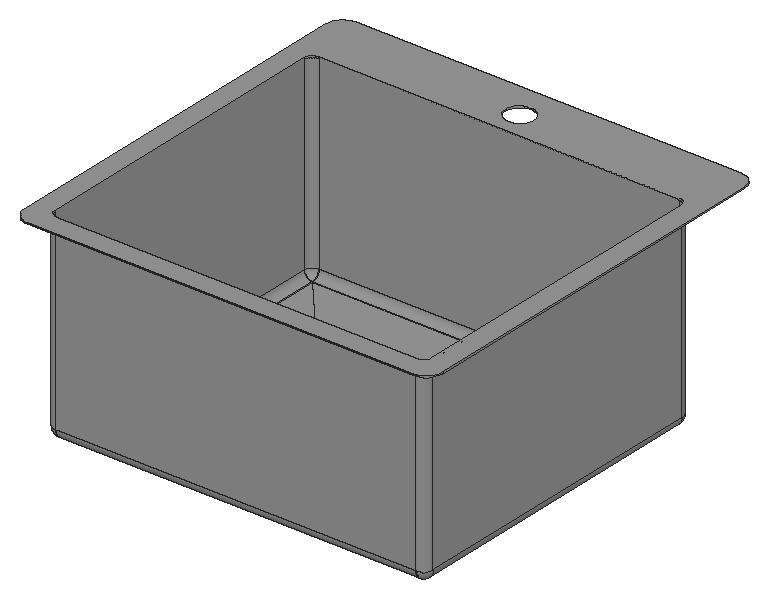
Revit family "BUILDMAT-SNGDTL003-Leo-510-Tap-Landing-Brass-Gold", category Plumbing Fixtures, host Face, Revit 2026
Family settings
  Host = Face
  Round Connector Dimension = Use Diameter
  Part Type = Normal
  Enable Cutting in Views = No
  Cut with Voids When Loaded = No
  Maintain Annotation Orientation = No
  Shared = No
  Room Calculation Point = No
Parameters (values of type "Leo 510x500x250mm Brushed Brass Gold")
  Width = 460.0 mm
  Undermount [instance] = 0.0 mm
  URL = "https://www.buildmat.com.au/products/leo-510-single-bowl-tap-landing-sink"
  Model = "TLAN003"  # constant formula
  Manufacturer URL = "https://www.buildmat.com.au/"
  Manufacturer = "BUILDMAT"  # constant formula
  Length = 400.0 mm
  Description = "BUILDMAT - Leo 510x500 Single Bowl with Tap Landing Sink"  # constant formula
  Depth = 250.0 mm
  Default Elevation = 1219.2 mm
  Created By URL = "https://www.buildmat.com.au/"
  Created By = "BUILDMAT"  # constant formula
  Created = "22.06.2022"  # constant formula
  Material = BUILDMAT Brass Gold
Reference planes
  plane 1 "Center (Front/Back)": y = 0
  plane 2: z = 0
  plane 3 "Center (Left/Right)": x = 0
  plane 4 "Top Substrate": z = 0
  plane 5 "Left": x = -230
  plane 6 "Right": x = 230
  plane 7 "Back": y = 200
  plane 8 "Front": y = -200
  plane 9: x = -255
  plane 10: x = 255
  plane 11: y = -225
  plane 12: y = 275
  plane 13 "Bottom Void": z = -250
  plane 14: z = 1.5
  plane 15: x = -231.5
  plane 16: y = -201.5
  plane 17: x = 231.5
  plane 18: y = 201.5
  plane 19: z = -240
  plane 20: z = -230
  plane 21: x = -220
  plane 22: x = 220
  plane 23: y = -190
  plane 24: y = 190
  plane 25: z = -245
  plane 26: z = -241.5
  plane 27: z = -246.5
  plane 28: x = -100
  plane 29: x = 100
  plane 30 "Sound Pad": z = -130
  plane 31 "Front Bracket": y = -100
  plane 32 "Back Bracket": y = 100
  plane 33: x = -130
  plane 34: x = 130
  plane 35: x = -57
  plane 36: x = 57
  plane 37: x = -45
  plane 38: x = 45
  plane 39: y = 232
  plane 40: y = 251.5
  plane 41: x = -243.2
  plane 42: z = -15
  plane 43: x = 243.2
  plane 44: x = -241.7
  plane 45: x = 241.7
Forms (mm)
  Extrusion 1, void
    sketch origin (0, 0, 0) x (1, 0, 0) y (0, 1, 0)
      loop
        arc (-220, 200) -> (-227.071, 197.071) -> (-230, 190) r 10
        line (-230, 190) -> (-230, -190)
        arc (-230, -190) -> (-227.071, -197.071) -> (-220, -200) r 10
        line (-220, -200) -> (220, -200)
        arc (220, -200) -> (227.071, -197.071) -> (230, -190) r 10
        line (230, -190) -> (230, 190)
        arc (230, 190) -> (227.071, 197.071) -> (220, 200) r 10
        line (220, 200) -> (-220, 200)
    from 0 to 1.5
  Extrusion 2, void
    sketch origin (0, 0, 0) x (1, 0, 0) y (0, 1, 0)
      loop
        line (-231.5, 201.5) -> (-231.5, -201.5) -> (231.5, -201.5) -> (231.5, 201.5) -> (-231.5, 201.5)
    from 0 to -250
  Extrusion 3, void
    sketch origin (0, 0, 0) x (1, 0, 0) y (0, 1, 0)
      loop
        arc (-235, 275) -> (-249.142, 269.142) -> (-255, 255) r 20
        line (-255, 255) -> (-255, -205)
        arc (-255, -205) -> (-249.142, -219.142) -> (-235, -225) r 20
        line (-235, -225) -> (235, -225)
        arc (235, -225) -> (249.142, -219.142) -> (255, -205) r 20
        line (255, -205) -> (255, 255)
        arc (255, 255) -> (249.142, 269.142) -> (235, 275) r 20
        line (235, 275) -> (-235, 275)
    from 1.5 to 0
  Extrusion 4, solid, material "BUILDMAT Brass Gold" <- "Material"
    sketch origin (0, 0, 0) x (-1, 0, 0) y (0, -1, 0)
      loop
        arc (235, -275) -> (249.142, -269.142) -> (255, -255) r 20
        line (255, -255) -> (255, 205)
        arc (255, 205) -> (249.142, 219.142) -> (235, 225) r 20
        line (235, 225) -> (-235, 225)
        arc (-235, 225) -> (-249.142, 219.142) -> (-255, 205) r 20
        line (-255, 205) -> (-255, -255)
        arc (-255, -255) -> (-249.142, -269.142) -> (-235, -275) r 20
        line (-235, -275) -> (235, -275)
      loop
        arc (220, -200) -> (227.071, -197.071) -> (230, -190) r 10
        line (230, -190) -> (230, 190)
        arc (230, 190) -> (227.071, 197.071) -> (220, 200) r 10
        line (220, 200) -> (-220, 200)
        arc (-220, 200) -> (-227.071, 197.071) -> (-230, 190) r 10
        line (-230, 190) -> (-230, -190)
        arc (-230, -190) -> (-227.071, -197.071) -> (-220, -200) r 10
        line (-220, -200) -> (220, -200)
    from 0 to 1.5
  Extrusion 5, solid, material "BUILDMAT Brass Gold" <- "Material"
    sketch origin (0, 0, 0) x (-1, 0, 0) y (0, -1, 0)
      loop
        arc (220, -201.5) -> (228.132, -198.132) -> (231.5, -190) r 11.5
        line (231.5, -190) -> (231.5, 190)
        arc (231.5, 190) -> (228.132, 198.132) -> (220, 201.5) r 11.5
        line (220, 201.5) -> (-220, 201.5)
        arc (-220, 201.5) -> (-228.132, 198.132) -> (-231.5, 190) r 11.5
        line (-231.5, 190) -> (-231.5, -190)
        arc (-231.5, -190) -> (-228.132, -198.132) -> (-220, -201.5) r 11.5
        line (-220, -201.5) -> (220, -201.5)
      loop
        arc (-220, 200) -> (-227.071, 197.071) -> (-230, 190) r 10
        line (-230, 190) -> (-230, -190)
        arc (-230, -190) -> (-227.071, -197.071) -> (-220, -200) r 10
        line (-220, -200) -> (220, -200)
        arc (220, -200) -> (227.071, -197.071) -> (230, -190) r 10
        line (230, -190) -> (230, 190)
        arc (230, 190) -> (227.071, 197.071) -> (220, 200) r 10
        line (220, 200) -> (-220, 200)
    from 0 to -230
  Revolve 6, solid, material "BUILDMAT Brass Gold" <- "Material"
    sketch origin (-175.162, 190, 1219.2) x (-1, 0, 0) y (0, 0, 1)
      loop
        line (-405.162, -1449.2) -> (-406.662, -1449.2)
        arc (-406.662, -1449.2) -> (-403.293, -1457.332) -> (-395.162, -1460.7) r 11.5
        line (-395.162, -1460.7) -> (-395.162, -1459.2)
        arc (-395.162, -1459.2) -> (-402.233, -1456.271) -> (-405.162, -1449.2) r 10
      axis (-395.162, -1460.7) -> (-395.162, -1449.2)
    angle from 0 to -90
  Revolve 7, solid, material "BUILDMAT Brass Gold" <- "Material"
    sketch origin (-175.162, 190, 1219.2) x (-1, 0, 0) y (0, 0, 1)
      loop
        arc (54.838, -1449.2) -> (51.909, -1456.271) -> (44.838, -1459.2) r 10
        line (44.838, -1459.2) -> (44.838, -1460.7)
        arc (44.838, -1460.7) -> (52.97, -1457.332) -> (56.338, -1449.2) r 11.5
        line (56.338, -1449.2) -> (54.838, -1449.2)
      axis (44.838, -1449.2) -> (44.838, -1460.7)
    angle from 0 to -90
  Revolve 8, solid, material "BUILDMAT Brass Gold" <- "Material"
    sketch origin (-175.162, -190, 1219.2) x (-1, 0, 0) y (0, 0, 1)
      loop
        arc (54.838, -1449.2) -> (51.909, -1456.271) -> (44.838, -1459.2) r 10
        line (44.838, -1459.2) -> (44.838, -1460.7)
        arc (44.838, -1460.7) -> (52.97, -1457.332) -> (56.338, -1449.2) r 11.5
        line (56.338, -1449.2) -> (54.838, -1449.2)
      axis (44.838, -1449.2) -> (44.838, -1460.7)
    angle from 0 to 90
  Revolve 9, solid, material "BUILDMAT Brass Gold" <- "Material"
    sketch origin (-175.162, -190, 1219.2) x (-1, 0, 0) y (0, 0, 1)
      loop
        line (-405.162, -1449.2) -> (-406.662, -1449.2)
        arc (-406.662, -1449.2) -> (-403.293, -1457.332) -> (-395.162, -1460.7) r 11.5
        line (-395.162, -1460.7) -> (-395.162, -1459.2)
        arc (-395.162, -1459.2) -> (-402.233, -1456.271) -> (-405.162, -1449.2) r 10
      axis (-395.162, -1449.2) -> (-395.162, -1460.7)
    angle from 0 to 90
  Extrusion 10, solid, material "BUILDMAT Brass Gold" <- "Material"
    sketch origin (0, 0, 0) x (1, 0, 0) y (0, 0, 1)
      loop
        line (-230, -230) -> (-231.5, -230)
        arc (-231.5, -230) -> (-228.132, -238.132) -> (-220, -241.5) r 11.5
        line (-220, -241.5) -> (-220, -240)
        arc (-220, -240) -> (-227.071, -237.071) -> (-230, -230) r 10
    from -190 to 190
  Extrusion 11, solid, material "BUILDMAT Brass Gold" <- "Material"
    sketch origin (0, 0, 0) x (1, 0, 0) y (0, 0, 1)
      loop
        arc (230, -230) -> (227.071, -237.071) -> (220, -240) r 10
        line (220, -240) -> (220, -241.5)
        arc (220, -241.5) -> (228.132, -238.132) -> (231.5, -230) r 11.5
        line (231.5, -230) -> (230, -230)
    from -190 to 190
  Extrusion 12, solid, material "BUILDMAT Brass Gold" <- "Material"
    sketch origin (0, 0, 0) x (0, 1, 0) y (0, 0, 1)
      loop
        arc (200, -230) -> (197.071, -237.071) -> (190, -240) r 10
        line (190, -240) -> (190, -241.5)
        arc (190, -241.5) -> (198.132, -238.132) -> (201.5, -230) r 11.5
        line (201.5, -230) -> (200, -230)
    from -220 to 220
  Extrusion 13, solid, material "BUILDMAT Brass Gold" <- "Material"
    sketch origin (0, 0, 0) x (0, 1, 0) y (0, 0, 1)
      loop
        line (-200, -230) -> (-201.5, -230)
        arc (-201.5, -230) -> (-198.132, -238.132) -> (-190, -241.5) r 11.5
        line (-190, -241.5) -> (-190, -240)
        arc (-190, -240) -> (-197.071, -237.071) -> (-200, -230) r 10
    from -220 to 220
  Revolve 14, solid, material "BUILDMAT Brass Gold" <- "Material"
    sketch origin (0, 0, 0) x (1, 0, 0) y (0, 0, 1)
      loop
        line (-45, -250) -> (-45, -248.5)
        spline (-45, -248.5) -> (-46.484, -248.459) -> (-47.939, -248.339) -> (-49.337, -248.141) -> (-50.649, -247.871) -> (-51.848, -247.537) -> (-52.908, -247.151) -> (-53.805, -246.726) -> (-54.514, -246.283) -> (-55.023, -245.856) -> (-55.329, -245.483) -> (-55.468, -245.202) -> (-55.5, -245)
        line (-55.5, -245) -> (-57, -245)
        spline (-57, -245) -> (-56.897, -245.653) -> (-56.591, -246.294) -> (-56.087, -246.913) -> (-55.392, -247.5) -> (-54.52, -248.044) -> (-53.485, -248.536) -> (-52.305, -248.967) -> (-51, -249.33) -> (-49.592, -249.619) -> (-48.106, -249.83) -> (-46.566, -249.957) -> (-45, -250)
      axis (0, -245) -> (0, -250)
    angle from 0 to 360
  Blend 15, solid, material "BUILDMAT Brass Gold" <- "Material"
    base sketch origin (0, 0, 0) x (-1, 0, 0) y (0, -1, 0)
      loop
        circle (0, 0) r 57
    top sketch origin (0, 0, 0) x (-1, 0, 0) y (0, -1, 0)
      loop
        line (220, -190) -> (220, 190) -> (-220, 190) -> (-220, -190) -> (220, -190)
    from -246.5 to -241.5
  Blend 16, void
    base sketch origin (0, 0, 0) x (-1, 0, 0) y (0, -1, 0)
      loop
        circle (0, 0) r 57
    top sketch origin (0, 0, 0) x (-1, 0, 0) y (0, -1, 0)
      loop
        line (220, -190) -> (220, 190) -> (-220, 190) -> (-220, -190) -> (220, -190)
    from -245 to -240
  Extrusion 17, solid, material "BUILDMAT Brass Gold" <- "Material"
    sketch origin (0, 0, 0) x (-1, 0, 0) y (0, -1, 0)
      loop
        line (220, -190) -> (220, 190) -> (-220, 190) -> (-220, -190) -> (220, -190)
    from -241.5 to -240
  Extrusion 18, void
    sketch origin (0, 0, 0) x (-1, 0, 0) y (0, -1, 0)
      loop
        circle (0, 0) r 57
    from -250 to -230
  Extrusion 19, void
    sketch origin (0, 0, 0) x (-1, 0, 0) y (0, -1, 0)
      loop
        circle (0, -232) r 17.5
    from 0 to 100
Cuts and joins
  Extrusion 19 cuts Extrusion 4
  Extrusion 19 cuts Extrusion 5
  joined: Extrusion 4, Extrusion 5
  joined: Revolve 6, Revolve 9
  joined: Revolve 7, Revolve 8
  Blend 16, Extrusion 18 cuts Blend 15
  Blend 16, Extrusion 18 cuts Extrusion 17
  joined: Blend 15, Extrusion 17
Lines and regions (mm)
  Masking region 1
    outline origin (0, 0, 0) x (1, 0, 0) y (0, 0, 1)
      loop
        line (230, 0) -> (-230, 0) -> (-230, -230)
        arc (-230, -230) -> (-227.071, -237.071) -> (-220, -240) r 10
        line (-220, -240) -> (-57, -245) -> (57, -245) -> (220, -240)
        arc (220, -240) -> (227.071, -237.071) -> (230, -230) r 10
        line (230, -230) -> (230, 0)
  Masking region 2
    outline origin (0, 0, 0) x (1, 0, 0) y (0, 0, 1)
      loop
        line (-100, -245.181) -> (-100, -250) -> (-57, -250) -> (-57, -246.5) -> (-100, -245.181)
  Masking region 3
    outline origin (0, 0, 0) x (1, 0, 0) y (0, 0, 1)
      loop
        line (57, -246.5) -> (57, -250) -> (100, -250) -> (100, -245.181) -> (57, -246.5)
  Masking region 4
    outline origin (0, 0, 0) x (1, 0, 0) y (0, 0, 1)
      loop
        line (-243.2, 0) -> (-243.2, -15) -> (-241.7, -15) -> (-241.7, 0) -> (-243.2, 0)
  Masking region 5
    outline origin (0, 0, 0) x (1, 0, 0) y (0, 0, 1)
      loop
        line (241.7, 0) -> (241.7, -15) -> (243.2, -15) -> (243.2, 0) -> (241.7, 0)
Text (mm)
  text "Refer to www.buildmat.com.au for the most current product literature. \nAllow a +/- 5mm tolerance for dimensions shown in the product literature. \nPlease note product details are subject to change due to ongoing product development." at (0.056, -1035.857, 0), in view "Ref. Level"
Dimensions and locks
  "Undermount": plane 2 to plane 4 "Top Substrate"
  equal spacing: plane 5 "Left", plane 3 "Center (Left/Right)", plane 6 "Right"
  "Width": plane 5 "Left" to plane 6 "Right"
  "Length": plane 7 "Back" to plane 8 "Front"
  equal spacing: plane 7 "Back", plane 1 "Center (Front/Back)", plane 8 "Front"
  locked: plane 12 to plane 7 "Back" at 75
  locked: plane 8 "Front" to plane 11 at 25
  locked: plane 9 to plane 5 "Left" at 25
  locked: plane 6 "Right" to plane 10 at 25
  "Depth": plane 4 "Top Substrate" to plane 13 "Bottom Void"
  locked: plane 14 to plane 4 "Top Substrate" at 1.5
  locked: plane 18 to plane 7 "Back" at 1.5
  locked: plane 8 "Front" to plane 16 at 1.5
  plane 15 to plane 5 "Left" = 1.5 mm
  plane 6 "Right" to plane 17 = 1.5 mm
  plane 20 to plane 19 to plane 13 "Bottom Void" = 10.0 mm, 10.0 mm
  locked: plane 5 "Left" to plane 21 at 10
  locked: plane 22 to plane 6 "Right" at 10
  locked: plane 7 "Back" to plane 24 at 10
  locked: plane 23 to plane 8 "Front" at 10
  locked: plane 19 to plane 26 at 1.5
  locked: plane 25 to plane 13 "Bottom Void" at 5
  locked: plane 25 to plane 27 at 1.5
  plane 29 to plane 3 "Center (Left/Right)" to plane 28 = 100.0 mm locked, 100.0 mm locked
  locked: plane 30 "Sound Pad" to plane 13 "Bottom Void" at 120
  locked: plane 7 "Back" to plane 32 "Back Bracket" at 100
  locked: plane 31 "Front Bracket" to plane 8 "Front" at 100
  locked: plane 33 to plane 5 "Left" at 100
  locked: plane 6 "Right" to plane 34 at 100
  plane 37 to plane 3 "Center (Left/Right)" to plane 38 = 45.0 mm locked, 45.0 mm locked
  plane 35 to plane 3 "Center (Left/Right)" to plane 36 = 57.0 mm locked, 57.0 mm locked
  locked: plane 12 to plane 39 at 43
  locked: plane 40 to plane 18 at 50
  plane 44 to plane 41 to plane 9 = 1.5 mm locked, 11.8 mm locked
  plane 10 to plane 43 to plane 45 = 11.8 mm locked, 1.5 mm locked
  locked: plane 4 "Top Substrate" to plane 42 at 15
  aligned and locked: plane 2 to host face
  aligned and locked: level to host face
  aligned and locked: plane 8 "Front" to Extrusion 1 sketch curve
  aligned and locked: Extrusion 1 sketch curve to plane 7 "Back"
  aligned and locked: plane 5 "Left" to Extrusion 1 sketch curve
  aligned and locked: Extrusion 1 sketch curve to plane 6 "Right"
  aligned and locked: plane 2 to Extrusion 1
  aligned and locked: plane 14 to Extrusion 1
  aligned and locked: Extrusion 2 sketch curve to plane 16
  aligned and locked: Extrusion 2 sketch curve to plane 18
  aligned and locked: plane 15 to Extrusion 2 sketch curve
  aligned and locked: plane 17 to Extrusion 2 sketch curve
  aligned and locked: Extrusion 2 to plane 13 "Bottom Void"
  aligned and locked: plane 4 "Top Substrate" to Extrusion 2
  aligned and locked: plane 11 to Extrusion 3 sketch curve
  aligned and locked: plane 9 to Extrusion 3 sketch curve
  aligned and locked: Extrusion 3 sketch curve to plane 10
  aligned and locked: Extrusion 3 sketch curve to plane 12
  aligned and locked: Extrusion 3 to plane 4 "Top Substrate"
  aligned and locked: Extrusion 3 to plane 14
  aligned and locked: plane 11 to Extrusion 4 sketch curve
  aligned and locked: Extrusion 4 sketch curve to plane 12
  aligned and locked: plane 9 to Extrusion 4 sketch curve
  aligned and locked: Extrusion 4 sketch curve to plane 10
  aligned and locked: plane 5 "Left" to Extrusion 4 sketch curve
  aligned and locked: Extrusion 4 sketch curve to plane 6 "Right"
  aligned and locked: Extrusion 4 sketch curve to plane 7 "Back"
  aligned and locked: plane 8 "Front" to Extrusion 4 sketch curve
  aligned and locked: Extrusion 5 sketch curve to plane 7 "Back"
  aligned and locked: plane 5 "Left" to Extrusion 5 sketch curve
  aligned and locked: Extrusion 5 sketch curve to plane 6 "Right"
  aligned and locked: plane 8 "Front" to Extrusion 5 sketch curve
  aligned and locked: plane 15 to Extrusion 5 sketch curve
  aligned and locked: Extrusion 5 sketch curve to plane 16
  aligned and locked: plane 17 to Extrusion 5 sketch curve
  aligned and locked: Extrusion 5 sketch curve to plane 18
  aligned and locked: Extrusion 5 to plane 20
  aligned and locked: plane 4 "Top Substrate" to Extrusion 5
  aligned and locked: Extrusion 11 to plane 23
  aligned and locked: plane 24 to Extrusion 11
  aligned and locked: plane 24 to Extrusion 10
  aligned and locked: Extrusion 10 to plane 23
  aligned and locked: Extrusion 13 to plane 21
  aligned and locked: plane 22 to Extrusion 13
  aligned and locked: plane 22 to Extrusion 12
  aligned and locked: Extrusion 12 to plane 21
  aligned and locked: plane 21 to Blend 15 sketch curve
  aligned and locked: Blend 15 sketch curve to plane 22
  aligned and locked: Blend 15 sketch curve to plane 23
  aligned and locked: Blend 15 sketch curve to plane 24
  aligned and locked: plane 27 to Blend 15
  aligned and locked: Blend 15 to plane 26
  aligned and locked: Blend 16 sketch curve to plane 24
  aligned and locked: plane 21 to Blend 16 sketch curve
  aligned and locked: Blend 16 sketch curve to plane 22
  aligned and locked: Blend 16 sketch curve to plane 23
  aligned and locked: Blend 16 to plane 25
  aligned and locked: Blend 16 to plane 19
  aligned and locked: Extrusion 17 sketch curve to plane 24
  aligned and locked: Extrusion 17 sketch curve to plane 23
  aligned and locked: plane 21 to Extrusion 17 sketch curve
  aligned and locked: Extrusion 17 sketch curve to plane 22
  aligned and locked: Extrusion 17 to plane 26
  aligned and locked: Extrusion 17 to plane 19
  aligned and locked: Extrusion 18 to plane 13 "Bottom Void"
  aligned and locked: plane 20 to Extrusion 18
  aligned and locked: cut or joined group of Blend 15, Blend 16, Extrusion 17, Extrusion 18 to Masking region 2 sketch curve
  aligned and locked: Masking region 3 sketch curve to cut or joined group of Blend 15, Blend 16, Extrusion 17, Extrusion 18
  aligned and locked: plane 3 "Center (Left/Right)" to nested 1
  aligned and locked: nested 1 to plane 30 "Sound Pad"
  aligned and locked: plane 31 "Front Bracket" to nested 3
  aligned and locked: plane 15 to nested 3
  aligned and locked: plane 31 "Front Bracket" to nested 5
  aligned and locked: plane 17 to nested 5
  aligned and locked: plane 32 "Back Bracket" to nested 4
  aligned and locked: plane 17 to nested 4
  aligned and locked: plane 32 "Back Bracket" to nested 2
  aligned and locked: plane 15 to nested 2
  aligned and locked: nested 6 to plane 4 "Top Substrate"
  aligned and locked: nested 6 to plane 33
  aligned and locked: nested 7 to plane 4 "Top Substrate"
  aligned and locked: nested 7 to plane 34
  aligned and locked: nested 10 to plane 33
  aligned and locked: nested 11 to plane 34
  aligned and locked: plane 16 to nested 10
  aligned and locked: nested 11 to plane 16
  aligned and locked: plane 33 to nested 8
  aligned and locked: plane 34 to nested 9
  aligned and locked: nested 12 to plane 23
  aligned and locked: nested 12 to plane 24
  aligned and locked: plane 22 to nested 12
  aligned and locked: plane 21 to nested 12
  aligned and locked: plane 3 "Center (Left/Right)" to nested 13
  aligned and locked: plane 1 "Center (Front/Back)" to nested 13
  aligned and locked: plane 4 "Top Substrate" to Masking region 1
  aligned and locked: nested 9 to plane 40
  aligned and locked: nested 8 to plane 40
  aligned and locked: Extrusion 19 to plane 4 "Top Substrate"
  aligned and locked: Masking region 4 sketch curve to plane 4 "Top Substrate"
  aligned and locked: Masking region 4 sketch curve to plane 42
  aligned and locked: Masking region 4 sketch curve to plane 41
  aligned and locked: Masking region 4 sketch curve to plane 44
  aligned and locked: Masking region 5 sketch curve to plane 4 "Top Substrate"
  aligned and locked: Masking region 5 sketch curve to plane 42
  aligned and locked: Masking region 5 sketch curve to plane 43
  aligned and locked: Masking region 5 sketch curve to plane 45
Automatic sketch dimensions
  host sketch curve to host sketch curve = 2438.4 mm  (x2)
  plane 5 "Left" to Extrusion 1 sketch curve = 10.0 mm  (x2)
  Extrusion 1 sketch curve to plane 6 "Right" = 10.0 mm  (x2)
  Extrusion 4 sketch curve to plane 10 = 20.0 mm  (x2)
  Extrusion 4 sketch curve to Extrusion 4 sketch curve = 10.0 mm  (x2)
  plane 5 "Left" to Extrusion 4 sketch curve = 10.0 mm
  plane 9 to Extrusion 4 sketch curve = 20.0 mm
  plane 8 "Front" to Extrusion 4 sketch curve = 10.0 mm
  plane 11 to Extrusion 4 sketch curve = 20.0 mm
  Extrusion 3 sketch curve to plane 5 "Left" = 5.0 mm
  plane 6 "Right" to Extrusion 3 sketch curve = 5.0 mm  (x2)
  plane 7 "Back" to Extrusion 3 sketch curve = 55.0 mm
  plane 5 "Left" to Extrusion 5 sketch curve = 10.0 mm
  Extrusion 5 sketch curve to plane 6 "Right" = 10.0 mm
  plane 8 "Front" to Extrusion 5 sketch curve = 10.0 mm
  Extrusion 5 sketch curve to plane 7 "Back" = 10.0 mm
  Extrusion 5 sketch curve to Extrusion 5 sketch curve = 0.0 mm  (x4)
  Revolve 6 sketch curve to Revolve 6 sketch curve = 0.0 mm  (x3)
  plane 17 to Revolve 6 sketch curve = 0.0 mm
  Revolve 6 sketch curve to plane 6 "Right" = 0.0 mm
  Revolve 6 sketch curve to plane 22 = 0.0 mm  (x2)
  Revolve 6 sketch curve to plane 19 = 0.0 mm
  Revolve 6 sketch curve to plane 20 = 0.0 mm
  Revolve 7 sketch curve to Revolve 7 sketch curve = 0.0 mm  (x3)
  Revolve 7 sketch curve to plane 20 = 0.0 mm  (x2)
  Revolve 7 sketch curve to plane 21 = 0.0 mm  (x2)
  Revolve 7 sketch curve to plane 5 "Left" = 0.0 mm
  Revolve 7 sketch curve to plane 15 = 0.0 mm
  Revolve 8 sketch curve to Revolve 8 sketch curve = 0.0 mm  (x3)
  Revolve 8 sketch curve to plane 20 = 0.0 mm  (x2)
  Revolve 8 sketch curve to plane 21 = 0.0 mm  (x2)
  Revolve 8 sketch curve to plane 5 "Left" = 0.0 mm
  Revolve 8 sketch curve to plane 15 = 0.0 mm
  Revolve 9 sketch curve to Revolve 9 sketch curve = 0.0 mm  (x3)
  plane 17 to Revolve 9 sketch curve = 0.0 mm
  Revolve 9 sketch curve to plane 6 "Right" = 0.0 mm
  Revolve 9 sketch curve to plane 22 = 0.0 mm  (x2)
  Revolve 9 sketch curve to plane 20 = 0.0 mm
  Revolve 9 sketch curve to plane 19 = 0.0 mm
  Extrusion 10 sketch curve to plane 15 = 0.0 mm
  Extrusion 10 sketch curve to plane 5 "Left" = 0.0 mm
  Extrusion 10 sketch curve to plane 19 = 0.0 mm
  Extrusion 10 sketch curve to plane 21 = 0.0 mm
  Extrusion 11 sketch curve to plane 20 = 0.0 mm
  Extrusion 11 sketch curve to plane 22 = 0.0 mm
  Extrusion 11 sketch curve to plane 6 "Right" = 0.0 mm
  plane 17 to Extrusion 11 sketch curve = 0.0 mm
  Extrusion 12 sketch curve to plane 20 = 0.0 mm
  Extrusion 12 sketch curve to plane 24 = 0.0 mm
  Extrusion 12 sketch curve to plane 7 "Back" = 0.0 mm
  Extrusion 12 sketch curve to plane 18 = 0.0 mm
  Extrusion 13 sketch curve to plane 16 = 0.0 mm
  Extrusion 13 sketch curve to plane 8 "Front" = 0.0 mm
  Extrusion 13 sketch curve to plane 23 = 0.0 mm
  Extrusion 13 sketch curve to plane 19 = 0.0 mm
  Revolve 14 sketch curve to plane 25 = 0.0 mm
  Revolve 14 sketch curve to plane 13 "Bottom Void" = 0.0 mm  (x2)
  Revolve 14 sketch curve to plane 3 "Center (Left/Right)" = 0.0 mm
  Revolve 14 sketch curve to plane 20 = 0.0 mm
  Revolve 14 sketch curve to plane 3 "Center (Left/Right)" = 45.0 mm
  Revolve 14 sketch curve to Revolve 14 sketch curve = 10.5 mm
  Revolve 14 sketch curve to Revolve 14 sketch curve = 1.5 mm  (x2)
  Revolve 14 sketch curve to Revolve 14 sketch curve = 0.0 mm
  plane 1 "Center (Front/Back)" to Blend 15 sketch curve = 0.0 mm
  Blend 15 sketch curve to plane 3 "Center (Left/Right)" = 0.0 mm
  plane 1 "Center (Front/Back)" to Blend 16 sketch curve = 0.0 mm
  Blend 16 sketch curve to plane 3 "Center (Left/Right)" = 0.0 mm
  plane 1 "Center (Front/Back)" to Extrusion 18 sketch curve = 0.0 mm
  Extrusion 18 sketch curve to plane 3 "Center (Left/Right)" = 0.0 mm
  Masking region 1 sketch curve to level = 0.0 mm
  Masking region 1 sketch curve to plane 20 = 0.0 mm
  Masking region 1 sketch curve to plane 21 = 0.0 mm
  Masking region 1 sketch curve to plane 25 = 0.0 mm
  Masking region 1 sketch curve to plane 3 "Center (Left/Right)" = 57.0 mm
  plane 3 "Center (Left/Right)" to Masking region 1 sketch curve = 57.0 mm
  Masking region 1 sketch curve to plane 19 = 0.0 mm
  Masking region 1 sketch curve to plane 22 = 0.0 mm
  Masking region 1 sketch curve to plane 6 "Right" = 0.0 mm
  Masking region 1 sketch curve to plane 5 "Left" = 0.0 mm
  Masking region 2 sketch curve to plane 28 = 0.0 mm
  Masking region 2 sketch curve to plane 13 "Bottom Void" = 0.0 mm
  Masking region 2 sketch curve to plane 27 = 0.0 mm
  Masking region 3 sketch curve to plane 27 = 0.0 mm
  Masking region 3 sketch curve to plane 13 "Bottom Void" = 0.0 mm
  Masking region 3 sketch curve to plane 29 = 0.0 mm
  Extrusion 19 sketch curve to plane 3 "Center (Left/Right)" = 0.0 mm
  Extrusion 19 sketch curve to plane 39 = 0.0 mm
  radius of Blend 15 sketch curve = 57.0 mm
  radius of Blend 16 sketch curve = 57.0 mm
  radius of Extrusion 18 sketch curve = 57.0 mm
  radius of Extrusion 19 sketch curve = 17.5 mm
Nested families
  nested 1: "SP_Front" at (0, 0, -130) x (1, 0, 0) z (0, -1, 0), type "SP_Front", not visible
  nested 2: "TMB_Plan" at (-231.5, 100, 0) x (0, 1, 0) z (0, 0, 1), type "TMB_Plan"
  nested 3: "TMB_Plan" at (-231.5, -100, 0) x (0, 1, 0) z (0, 0, 1), type "TMB_Plan"
  nested 4: "TMB_Plan" at (231.5, 100, 0) x (0, -1, 0) z (0, 0, 1), type "TMB_Plan"
  nested 5: "TMB_Plan" at (231.5, -100, 0) x (0, -1, 0) z (0, 0, 1), type "TMB_Plan"
  nested 6: "TMB_Front" at (-130, 0, 0) x (1, 0, 0) z (0, -1, 0), type "TMB_Front"
  nested 7: "TMB_Front" at (130, 0, 0) x (1, 0, 0) z (0, -1, 0), type "TMB_Front"
  nested 8: "TMB_Plan" at (-130, 251.5, 0), type "TMB_Plan"
  nested 9: "TMB_Plan" at (130, 251.5, 0), type "TMB_Plan"
  nested 10: "TMB_Plan" at (-130, -201.5, 0) x (-1, 0, 0) z (0, 0, 1), type "TMB_Plan"
  nested 11: "TMB_Plan" at (130, -201.5, 0) x (-1, 0, 0) z (0, 0, 1), type "TMB_Plan"
  nested 12: "BOWL Plan" at (0, 0, -130), type "BOWL Plan"
    with Width 440.0 mm, Lenght 380.0 mm
  nested 13: "DRAIN" at (0, 0, 0), type "DRAIN"
Definition of nested family "SP_Front"
  Reference planes
    plane 1 "Center (Elevation)": y = 0
    plane 2: z = 0
    plane 3 "Center (Left/Right)": x = 0
  Lines and regions (mm)
    Masking region 1, in view "Ref. Level"
      outline origin (0, 0, 0) x (1, 0, 0) y (0, 1, 0)
        loop
          arc (-50, 40) -> (-57.071, 37.071) -> (-60, 30) r 10
          line (-60, 30) -> (-60, -30)
          arc (-60, -30) -> (-57.071, -37.071) -> (-50, -40) r 10
          line (-50, -40) -> (50, -40)
          arc (50, -40) -> (57.071, -37.071) -> (60, -30) r 10
          line (60, -30) -> (60, 30)
          arc (60, 30) -> (57.071, 37.071) -> (50, 40) r 10
          line (50, 40) -> (-50, 40)
    detail lines, in view "Ref. Level"
      curve 1: line (-50, 40, 0) -> (50, 40, 0)
      curve 2: line (50, -40, 0) -> (-50, -40, 0)
      curve 3: line (60, 30, 0) -> (60, -30, 0)
      curve 4: line (-60, 30, 0) -> (-60, -30, 0)
      curve 5: arc (-50, 40, 0) -> (-57.071, 37.071, 0) -> (-60, 30, 0) r 10
      curve 6: arc (-60, -30, 0) -> (-57.071, -37.071, 0) -> (-50, -40, 0) r 10
      curve 7: arc (50, -40, 0) -> (57.071, -37.071, 0) -> (60, -30, 0) r 10
      curve 8: arc (60, 30, 0) -> (57.071, 37.071, 0) -> (50, 40, 0) r 10
  Dimensions and locks
    aligned and locked: Masking region 1 sketch curve to curve 1
    aligned and locked: Masking region 1 sketch curve to curve 4
    aligned and locked: Masking region 1 sketch curve to curve 2
    aligned and locked: Masking region 1 sketch curve to curve 3
Definition of nested family "TMB_Plan"
  Reference planes
    plane 1 "Center (Front/Back)": y = 0
    plane 2: z = 0
    plane 3 "Center (Left/Right)": x = 0
  Lines and regions (mm)
    detail lines, in view "Ref. Level"
      curve 1: line (-17.5, 0, 0) -> (17.5, 0, 0)
      curve 2: line (17.5, 0, 0) -> (17.5, 5, 0)
      curve 3: line (17.5, 5, 0) -> (12.5, 5, 0)
      curve 4: line (-17.5, 0, 0) -> (-17.5, 5, 0)
      curve 5: line (-17.5, 5, 0) -> (-12.5, 5, 0)
Definition of nested family "TMB_Front"
  Reference planes
    plane 1 "Center (Elevation)": y = 0
    plane 2: z = 0
    plane 3 "Center (Left/Right)": x = 0
  Lines and regions (mm)
    Masking region 1, in view "Ref. Level"
      outline origin (0, 0, 0) x (1, 0, 0) y (0, 1, 0)
        loop
          line (-17.5, 0) -> (-17.5, -80) -> (17.5, -80) -> (17.5, 0) -> (-17.5, 0)
    detail lines, in view "Ref. Level"
      curve 1: line (-17.5, 0, 0) -> (-17.5, -80, 0)
      curve 2: line (-17.5, -80, 0) -> (17.5, -80, 0)
      curve 3: line (17.5, -80, 0) -> (17.5, 0, 0)
      curve 4: line (-12.5, -50, 0) -> (12.5, -50, 0)
      curve 5: line (-12.5, -75, 0) -> (-12.5, -50, 0)
      curve 6: line (12.5, -75, 0) -> (-12.5, -75, 0)
      curve 7: line (12.5, -50, 0) -> (12.5, -75, 0)
Definition of nested family "BOWL Plan"
  Parameters (values of type "BOWL Plan")
    Width [instance] = 600.0 mm
    Lenght [instance] = 400.0 mm
  Reference planes
    plane 1 "Center (Front/Back)": y = 0
    plane 2: z = 0
    plane 3 "Center (Left/Right)": x = 0
    plane 4 "Left": x = -300
    plane 5 "Right": x = 300
    plane 6 "Back": y = 200
    plane 7 "Front": y = -200
  Lines and regions (mm)
    Masking region 1, in view "Ref. Level"
      outline origin (0, 0, 0) x (1, 0, 0) y (0, 1, 0)
        loop
          line (-300, 200) -> (-300, -200) -> (300, -200) -> (300, 200) -> (-300, 200)
    detail lines, in view "Ref. Level"
      curve 1: line (-300, 200, 0) -> (300, -200, 0)
      curve 2: line (-300, -200, 0) -> (300, 200, 0)
  Dimensions and locks
    equal spacing: plane 6 "Back", plane 1 "Center (Front/Back)", plane 7 "Front"
    "Lenght": plane 6 "Back" to plane 7 "Front"
    equal spacing: plane 4 "Left", plane 3 "Center (Left/Right)", plane 5 "Right"
    "Width": plane 4 "Left" to plane 5 "Right"
    aligned and locked: plane 4 "Left" to Masking region 1 sketch curve
    aligned and locked: Masking region 1 sketch curve to plane 5 "Right"
    aligned and locked: plane 7 "Front" to Masking region 1 sketch curve
    aligned and locked: Masking region 1 sketch curve to plane 6 "Back"
  Automatic sketch dimensions
    curve 2 to plane 4 "Left" = 0.0 mm
    curve 1 to plane 4 "Left" = 0.0 mm
    curve 2 to plane 5 "Right" = 0.0 mm
    curve 1 to plane 5 "Right" = 0.0 mm
    curve 1 to plane 7 "Front" = 0.0 mm
    curve 2 to plane 7 "Front" = 0.0 mm
    curve 2 to plane 6 "Back" = 0.0 mm
    curve 1 to plane 6 "Back" = 0.0 mm
Definition of nested family "DRAIN"
  Reference planes
    plane 1 "Center (Front/Back)": y = 0
    plane 2: z = 0
    plane 3 "Center (Left/Right)": x = 0
  Lines and regions (mm)
    Masking region 1, in view "Ref. Level"
      outline origin (0, 0, 0) x (1, 0, 0) y (0, 1, 0)
        loop
          circle (0, 0) r 57
    detail lines, in view "Ref. Level"
      curve 1: circle (0, 0, 0) r 45 normal (0, 0, 1)
      curve 2: circle (0, 0, 0) r 55.5 normal (0, 0, 1)
